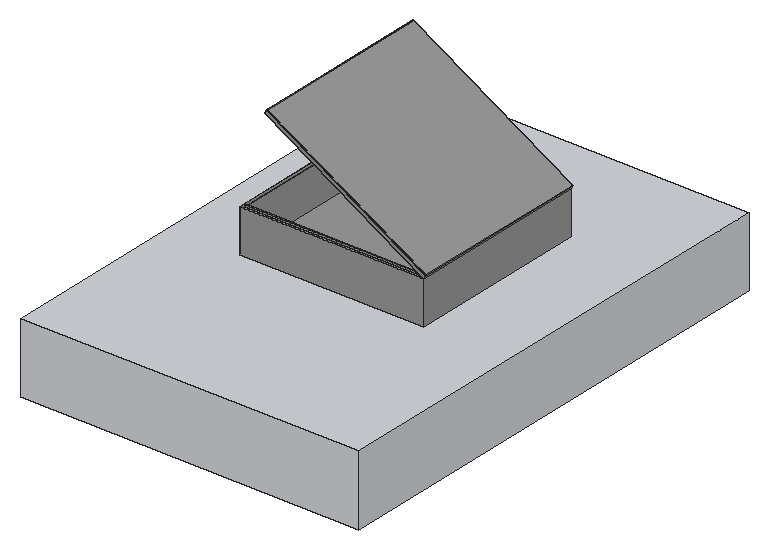
Revit family "Hager-Univers-IP44-D205-H800-Cl.I-Encl-CH-it", category Equipement électrique, Revit 2020
Family settings
  Hôte = Face
  Configuration du panneau = Deux colonnes, circuits au sein
  Cote de connecteur circulaire = Utiliser le diamètre
  Type d'élément = Tableau de raccordement
  Couper avec des vides une fois chargée = Non
  Partagée = Non
  Point de calcul de pièce = Non
Parameters (values of type "A parete IP44 L800 A800 P205  - FP53TN2")
  Width Control [instance] = if([EF000008 - Larghezza] > Min Width, [EF000008 - Larghezza], Min Width)  # 800 mm
  Commentaires du type = [HG000003 - Gamma]  # "Univers"
  Thickness Door [instance] = if([EF009171 - spessore materiale porta/coperchio] > 3 mm, 3 mm, [EF009171 - spessore materiale porta/coperchio])  # 1 mm
  Seal Frame Offset [instance] = 17 mm  # constant formula
  Plinth Visibility [instance] = [HG000027 - Altezza dello zoccolo] > 0 mm  # no
  Model = ""
  Min Width [instance] = 100 mm  # constant formula
  Min Height [instance] = 100 mm  # constant formula
  Min Depth [instance] = (2 * [EF009170 - spessore materiale scatola]) + 1 mm  # 3 mm
  Internal Frame Depth [instance] = (Door System Depth * 0.5)  # 9 mm
  Height Control [instance] = if([EF000040 - Altezza] > Min Height, [EF000040 - Altezza], Min Height)  # 800 mm
  HG000027 - Altezza dello zoccolo = 0 mm
  HG000026 - A pavimento = no
  HG000024 - Altezza della sezione inferiore = 800 mm
  HG000023 - Custodia a doppia sezione = no
  HG000016 - Visibilità delle porte nella vista 3D [instance] = yes
  HG000015 - Visibilità attraverso la porta [instance] = no
  HG000014 - Porta destra [instance] = yes
  HG000013 - Porta sinistra [instance] = not([HG000014 - Porta destra])  # no
  HG000012 - Angolo di apertura della porta [instance] = 30.00°
  HG000010 - Porte asimmetriche = no
  HG000009 - Porta doppia a battente = no
  HG000006 - Ad incasso = no
  HG000004 - Codice produttore = "FP53TN2"
  HG000003 - Gamma = "Univers"
  HG000002 - Con porta = yes
  Frame Offset Bottom [instance] = 10 mm  # constant formula
  Frame Offset [instance] = 15 mm  # constant formula
  EF015940 - Coprire con rilascio di sovrapressione = no
  EF011959 - tipo di protezione (NEMA) = ""
  EF009554 - numero delle aperture per la piastra della flangia = 6
  Fabricant = "Hager"  # constant formula
  EF009212 - esecuzione coperchio = "EV000116 - chiuso"
  EF009171 - spessore materiale porta/coperchio = 1 mm
  EF009170 - spessore materiale scatola = 1 mm
  EF008873 - corrente nominale (In) = 250 A
  EF007800 - adatto per parafulmine = no
  EF006306 - con serratura = no
  EF006244 - coperchio/porta trasparente = no
  EF005474 - grado di protezione (IP) = "EV006418 - IP44"
  EF004464 - tipo di porta = "EV002646 - singolo"
  EF004427 - numero di moduli = 180
  EF004293 - resistenza agli urti = "EV006815 - IK09"
  EF003532 - adatto per uso esterno = no
  EF002950 - Numero moduli DIN = 36
  EF001613 - Integrità del circuito = "EV000494 - senza"
  EF001596 - Attacco Lampada = "EV000179 - acciaio"
  EF001131 - profondità interna = 205 mm
  EF001088 - possibilità di applicazione = yes
  EF000437 - numero di ingressi per conduttori = 6
  EF000339 - tipo di copertura = "EV001012 - coperchio"
  EF000266 - numero di file = 5
  EF000218 - profondità di incasso = 205 mm
  EF000118 - con piastra di montaggio = no
  EF000116 - numero RAL = "9010"
  EF000049 - profondità = 205 mm
  EF000040 - Altezza = 800 mm
  EF000008 - Larghezza = 800 mm
  EF000007 - colore = "EV000202 - bianco"
  EF000003 - Tipo di montaggio = "EV000384 - A parete"
  Door System Leaf Tolerance [instance] = 1.5 mm  # constant formula
  Door System Depth [instance] = 18 mm  # constant formula
  Door Height [instance] = Height Control - [HG000027 - Altezza dello zoccolo]  # 800 mm
  Depth Control [instance] = if([EF000049 - profondità] > Min Depth, [EF000049 - profondità], Min Depth)  # 205 mm
  Default Elevation = 0 mm
  Connector Offset [instance] = Height Control / 2  # 400 mm
  Bottom Top Plate Trim [instance] = 1.5 mm  # constant formula
  Plinth height Ctrl [instance] = if([HG000027 - Altezza dello zoccolo] > 0 mm, [HG000027 - Altezza dello zoccolo], 12 mm)  # 12 mm
Types (10, lengths in mm): name | Width Control | HG000010 - Porte asimmetriche | HG000009 - Porta doppia a battente | HG000004 - Codice produttore | EF009554 - numero delle aperture per la piastra della flangia | EF004464 - tipo di porta | EF004427 - numero di moduli | EF002950 - Numero moduli DIN | EF000437 - numero di ingressi per conduttori | EF000218 - profondità di incasso | EF000008 - Larghezza
  A parete IP44 L1050 A800 P205  - FP54QT | 1050 | no | no | "FP54QT" | 8 | "EV003602 - doppio" | 240 | 48 | 8 | 0 | 1050
  A parete IP44 L1050 A800 P205  - FP54TN2 | 1050 | no | yes | "FP54TN2" | 8 | "EV003602 - doppio" | 240 | 48 | 8 | 205 | 1050
  A parete IP44 L1300 A800 P205  - FP55QT | 1300 | no | no | "FP55QT" | 10 | "EV003602 - doppio" | 300 | 60 | 10 | 0 | 1300
  A parete IP44 L1300 A800 P205  - FP55TN2 | 1300 | yes | yes | "FP55TN2" | 10 | "EV003602 - doppio" | 300 | 60 | 10 | 205 | 1300
  A parete IP44 L300 A800 P205  - FP51QT | 300 | no | no | "FP51QT" | 2 | "EV002646 - singolo" | 60 | 12 | 2 | 0 | 300
  A parete IP44 L300 A800 P205  - FP51TN2 | 300 | no | no | "FP51TN2" | 2 | "EV002646 - singolo" | 60 | 12 | 2 | 205 | 300
  A parete IP44 L550 A800 P205  - FP52QT | 550 | no | no | "FP52QT" | 4 | "EV002646 - singolo" | 120 | 24 | 4 | 0 | 550
  A parete IP44 L550 A800 P205  - FP52TN2 | 550 | no | no | "FP52TN2" | 4 | "EV002646 - singolo" | 120 | 24 | 4 | 205 | 550
  A parete IP44 L800 A800 P205  - FP53QT | 800 | no | no | "FP53QT" | 6 | "EV002646 - singolo" | 180 | 36 | 6 | 0 | 800
  A parete IP44 L800 A800 P205  - FP53TN2 | 800 | no | no | "FP53TN2" | 6 | "EV002646 - singolo" | 180 | 36 | 6 | 205 | 800
Reference planes
  plane 1 "Center (Front/Back)": y = 0
  plane 2: z = 0
  plane 3 "Center (Left/Right)": x = 0
  plane 4: z = 205
  plane 5: y = 1
  plane 6: y = 400
  plane 7: y = 0
  plane 8: y = 800
  plane 9: z = 0
  plane 10: x = -385
  plane 11: x = 385
  plane 12: x = 384
  plane 13: x = -384
  plane 14: y = 799
  plane 15: x = -383
  plane 16: x = -400
  plane 17: x = 383
  plane 18: x = 400
  plane 19: x = 399
  plane 20: x = -399
  plane 21: y = 11
  plane 22: y = 800
  plane 23: y = 784
  plane 24: z = 187
  plane 25: z = 1
  plane 26: z = 186
  plane 27: z = 204
Forms (mm)
  Extrusion 1, solid
    sketch origin (0, 0, 0) x (1, 0, 0) y (0, 1, 0)
      loop
        line (-702.964, 1305) -> (-702.964, -811.445) -> (766.763, -811.445) -> (766.763, 1305) -> (-702.964, 1305)
    from 0 to -304.8
  Extrusion 2, solid, material "Hager_Steel_RAL7035_Light_Grey", visible <- "Plinth Visibility", detail levels medium+fine
    sketch origin (0, 0, 0) x (1, 0, 0) y (0, 1, 0)
      loop
        line (-400, 0) -> (400, 0) -> (400, 12) -> (-400, 12) -> (-400, 0)
    from 0 to 187
  Extrusion 3, solid, material "Hager_Steel_RAL7035_Light_Grey", detail levels medium+fine
    sketch origin (0, 0, 0) x (1, 0, 0) y (0, 1, 0)
      loop
        line (-400, 0) -> (400, 0) -> (400, 800) -> (-400, 800) -> (-400, 0)
    from 0 to 187
  Extrusion 4, void
    sketch origin (0, 0, 0) x (1, 0, 0) y (0, 1, 0)
      loop
        line (-399, 1) -> (399, 1) -> (399, 799) -> (-399, 799) -> (-399, 1)
    from 1 to 186
  Extrusion 5, void
    sketch origin (-381.607, -4572, 187) x (0, -1, 0) y (-1, 0, 0)
      loop
        line (-4583, 2.393) -> (-5356, 2.393) -> (-5356, -765.607) -> (-4583, -765.607) -> (-4583, 2.393)
    from 0 to 1 <- "EF009170 - spessore materiale scatola"
  Extrusion 6, solid, material "Hager_Steel_RAL7035_Light_Grey", detail levels fine
    sketch origin (0, 0, 187) x (1, 0, 0) y (0, 1, 0)
      loop
        line (-384, 784) -> (-384, 11) -> (384, 11) -> (384, 784) -> (-384, 784)
      loop
        line (-385, 10) -> (385, 10) -> (385, 785) -> (-385, 785) -> (-385, 10)
    from 0 to 9 <- "Internal Frame Depth"
  Extrusion 7, solid, material "Hager_Steel_RAL7035_Light_Grey", detail levels coarse
    sketch origin (0, 0, 0) x (1, 0, 0) y (0, 1, 0)
      loop
        line (-400, 0) -> (400, 0) -> (400, 800) -> (-400, 800) -> (-400, 0)
    from 0 to 205
  Sweep 8, void
    path in 3D
      loop
        line (-400, 12, 0) -> (400, 12, 0) -> (400, 12, 187) -> (-400, 12, 187) -> (-400, 12, 0)
    profile origin (-400, 12, 93.5) x (-1, 0, 0) y (0, -1, 0)
      loop
        line (0, 0) -> (0, 1.5) -> (-1.5, 1.5)
        arc (-1.5, 1.5) -> (-1.061, 0.439) -> (0, 0) r 1.5
Cuts and joins
  Extrusion 4, Extrusion 5 cuts Extrusion 3
  Sweep 8 cuts Extrusion 2
Lines and regions (mm)
  Masking region 1
    outline origin (0, 0, 0) x (1, 0, 0) y (0, 0, 1)
      loop
        line (-400, 205) -> (-400, 0) -> (400, 0) -> (400, 205) -> (-400, 205)
  Masking region 2, detail levels medium+fine
    outline origin (0, 140, 0) x (0, 1, 0) y (0, 0, 1)
      loop
        line (-140, 0) -> (660, 0) -> (660, 187) -> (-140, 187) -> (-140, 0)
  Masking region 3, not visible, detail levels medium+fine
    outline origin (0, 297.922, 0) x (0, 1, 0) y (0, 0, 1)
      loop
        line (113.578, 0) -> (153.578, 0) -> (153.578, 194)
        arc (153.578, 194) -> (150.649, 201.071) -> (143.578, 204) r 10
        line (143.578, 204) -> (113.578, 204) -> (113.578, 0)
  Masking region 4, detail levels coarse
    outline origin (0, 0, 180) x (0, 1, 0) y (0, 0, 1)
      loop
        line (0, -180) -> (800, -180) -> (800, 25) -> (0, 25) -> (0, -180)
  Masking region 5, visible <- "Plinth Visibility", detail levels medium+fine
    outline origin (0, 52.24, 12.345) x (0, 0, -1) y (0, 1, 0)
      loop
        line (10.845, -40.24) -> (-173.155, -40.24)
        arc (-173.155, -40.24) -> (-173.594, -41.301) -> (-174.655, -41.74) r 1.5
        line (-174.655, -41.74) -> (-174.655, -52.24) -> (12.345, -52.24) -> (12.345, -41.74)
        arc (12.345, -41.74) -> (11.285, -41.301) -> (10.845, -40.24) r 1.5
  Masking region 6, detail levels medium+fine
    outline origin (-381.607, -4572, 187) x (-1, 0, 0) y (0, -1, 0)
      loop
        line (18.393, -5372) -> (18.393, -4572) -> (-781.607, -4572) -> (-781.607, -5372) -> (18.393, -5372)
  Masking region 7, visible <- "Plinth Visibility", detail levels medium+fine
    outline origin (-381.607, -4727, 187) x (-1, 0, 0) y (0, -1, 0)
      loop
        arc (16.893, -4739) -> (17.332, -4737.939) -> (18.393, -4737.5) r 1.5
        line (18.393, -4737.5) -> (18.393, -4727) -> (-781.607, -4727) -> (-781.607, -4737.5)
        arc (-781.607, -4737.5) -> (-780.546, -4737.939) -> (-780.107, -4739) r 1.5
        line (-780.107, -4739) -> (16.893, -4739)
  Masking region 8, detail levels coarse
    outline origin (-442.548, -4669.526, 187) x (-1, 0, 0) y (0, -1, 0)
      loop
        line (-42.548, -5469.526) -> (-42.548, -4669.526) -> (-842.548, -4669.526) -> (-842.548, -5469.526) -> (-42.548, -5469.526)
  sketch lines
    curve 1: line (-400, 12, 187) -> (-400, 12, 0)
    curve 2: line (400, 12, 187) -> (-400, 12, 187)
    curve 3: line (400, 12, 187) -> (400, 12, 0)
    curve 4: line (-400, 12, 0) -> (400, 12, 0)
Dimensions and locks
  "Depth Control": plane 4 to Extrusion 1
  "HG000027 - Altezza dello zoccolo": plane 1 "Center (Front/Back)" to plane 7
  "EF009170 - spessore materiale scatola": plane 5 to plane 7
  locked: connector elem to plane 3 "Center (Left/Right)"
  equal spacing: plane 8, plane 6, plane 7
  locked: connector elem to plane 6
  "EF009170 - spessore materiale scatola": plane 8 to plane 14
  "EF009170 - spessore materiale scatola": plane 10 to plane 13
  "EF009170 - spessore materiale scatola": plane 12 to plane 11
  "Frame Offset": plane 20 to plane 13
  "Frame Offset": plane 12 to plane 19
  "EF009170 - spessore materiale scatola": plane 16 to plane 20
  "EF009170 - spessore materiale scatola": plane 19 to plane 18
  "Seal Frame Offset": plane 16 to plane 15
  "Seal Frame Offset": plane 17 to plane 18
  "Frame Offset Bottom": plane 21 to plane 5
  "Frame Offset": plane 14 to plane 23
  equal spacing: plane 16, plane 3 "Center (Left/Right)", plane 18
  "Width Control": plane 16 to plane 18
  "EF009170 - spessore materiale scatola": plane 4 to plane 27
  "EF009170 - spessore materiale scatola": plane 24 to plane 26
  "EF009170 - spessore materiale scatola": plane 25 to level
  "Door System Depth": plane 4 to plane 24
  "Height Control": plane 1 "Center (Front/Back)" to Extrusion 7 sketch curve
  "Height Control": Masking region 4 sketch curve to plane 1 "Center (Front/Back)"
  "Height Control": plane 1 "Center (Front/Back)" to plane 22
  "Bottom Top Plate Trim": profile plane to Sweep 8 sketch curve
  "Bottom Top Plate Trim": Sweep 8 sketch curve to profile plane
  "Plinth height Ctrl": plane 1 "Center (Front/Back)" to Extrusion 2 sketch curve
  "Plinth height Ctrl": Masking region 5 sketch curve to plane 1 "Center (Front/Back)"
  "Plinth height Ctrl": plane 1 "Center (Front/Back)" to Masking region 7 sketch curve
  "Thickness Door": Extrusion 6 sketch curve to Extrusion 6 sketch curve  (x3)
  "Thickness Door": cut or joined group of Extrusion 3, Extrusion 4, Extrusion 5 to Extrusion 6 sketch curve
  radius of Masking region 3 sketch curve = 10 mm
  "Bottom Top Plate Trim": radius of Masking region 5 sketch curve  (x2)
  "Bottom Top Plate Trim": radius of Sweep 8 sketch curve
  "Bottom Top Plate Trim": radius of Masking region 7 sketch curve  (x2)
  aligned and locked: plane 2 to Extrusion 1
  aligned and locked: level to Extrusion 1
  aligned and locked: level to Masking region 1 sketch curve
  aligned and locked: Masking region 1 sketch curve to plane 18
  aligned and locked: Masking region 1 sketch curve to plane 16
  aligned and locked: plane 7 to Masking region 2 sketch curve
  aligned and locked: level to Masking region 3 sketch curve
  aligned and locked: Masking region 3 sketch curve to plane 27
  aligned and locked: level to Masking region 2 sketch curve
  aligned and locked: plane 1 "Center (Front/Back)" to Extrusion 2 sketch curve
  aligned and locked: Extrusion 3 sketch curve to plane 7
  aligned and locked: plane 16 to Extrusion 3 sketch curve
  aligned and locked: plane 18 to Extrusion 3 sketch curve
  aligned and locked: plane 20 to Extrusion 4 sketch curve
  aligned and locked: plane 19 to Extrusion 4 sketch curve
  aligned and locked: Extrusion 4 sketch curve to plane 5
  aligned and locked: Extrusion 4 to plane 25
  aligned and locked: plane 26 to Extrusion 4
  aligned and locked: plane 24 to Extrusion 3
  aligned and locked: Extrusion 5 sketch curve to plane 21
  aligned and locked: Extrusion 5 sketch curve to plane 13
  aligned and locked: Extrusion 5 sketch curve to plane 12
  aligned and locked: plane 18 to Extrusion 7 sketch curve
  aligned and locked: plane 1 "Center (Front/Back)" to Extrusion 7 sketch curve
  aligned and locked: plane 16 to Extrusion 7 sketch curve
  aligned and locked: plane 4 to Extrusion 7
  aligned and locked: Extrusion 7 to level
  aligned and locked: level to Masking region 4 sketch curve
  aligned and locked: Masking region 4 sketch curve to plane 1 "Center (Front/Back)"
  aligned and locked: Masking region 4 sketch curve to plane 4
  aligned and locked: nested 1 to level
  aligned and locked: nested 1 to plane 16
  aligned and locked: plane 8 to Extrusion 3 sketch curve
  aligned and locked: plane 23 to Extrusion 5 sketch curve
  aligned and locked: plane 14 to Extrusion 4 sketch curve
  aligned and locked: Masking region 2 sketch curve to plane 8
  aligned and locked: level to Masking region 5 sketch curve
  aligned and locked: plane 16 to Extrusion 2 sketch curve
  aligned and locked: plane 18 to Extrusion 2 sketch curve
  aligned and locked: Masking region 5 sketch curve to plane 24
  aligned and locked: Masking region 2 sketch curve to plane 24
  aligned and locked: plane 24 to Extrusion 2
  aligned and locked: profile plane to Sweep 8 sketch curve  (x2)
  aligned and locked: Masking region 6 sketch curve to plane 18
  aligned and locked: Masking region 6 sketch curve to plane 22
  aligned and locked: Masking region 6 sketch curve to plane 16
  aligned and locked: plane 8 to plane 22
  aligned and locked: Masking region 6 sketch curve to plane 7
  aligned and locked: Masking region 7 sketch curve to plane 16
  aligned and locked: Masking region 7 sketch curve to plane 1 "Center (Front/Back)"
  aligned and locked: Masking region 7 sketch curve to plane 18
  aligned and locked: Masking region 8 sketch curve to plane 1 "Center (Front/Back)"
  aligned and locked: Masking region 8 sketch curve to plane 18
  aligned and locked: Masking region 8 sketch curve to plane 22
  aligned and locked: Masking region 8 sketch curve to plane 16
  aligned and locked: nested 2 to plane 7
  aligned and locked: plane 3 "Center (Left/Right)" to nested 2
  aligned and locked: nested 2 to plane 24
  aligned and locked: Extrusion 6 sketch curve to cut or joined group of Extrusion 3, Extrusion 4, Extrusion 5  (x4)
Automatic sketch dimensions
  Extrusion 1 sketch curve to Extrusion 1 sketch curve = 1469.727 mm
  Extrusion 1 sketch curve to Extrusion 1 sketch curve = 2116.445 mm
  Masking region 1 sketch curve to plane 4 = 0 mm
  plane 6 to Masking region 3 sketch curve = 11.5 mm
  Masking region 3 sketch curve to Masking region 3 sketch curve = 30 mm
  Masking region 5 sketch curve to plane 1 "Center (Front/Back)" = 0 mm
Nested families
  nested 1: "Hager_Enclosure_Symbol" at (-400, 0, 0) x (1, 0, 0) z (0, -1, 0), Height <- "Depth Control", Width <- "Width Control", type "Hager_Enclosure_Symbol"
    with Width_Ctrl 800 mm, Width 800 mm, Height_Ctrl 205 mm, Height 205 mm, A_Width_Int 13.453 mm, A_Width 161.438 mm, A_Height_Ctrl 179.375 mm, A_Height 179.375 mm
  nested 2: "EC000058_Univers_Door" at (0, 0, 187) x (1, 0, 0) z (0, 1, 0), Leaf_Tolerance <- "Door System Leaf Tolerance", Angle <- "HG000012 - Angolo di apertura della porta", Door_Depth <- "Door System Depth", Door_Left <- "HG000013 - Porta sinistra", Transparent <- "EF006244 - coperchio/porta trasparente", Assymetrical <- "HG000010 - Porte asimmetriche", Width <- "Width Control", Clearance <- "HG000015 - Visibilità attraverso la porta", Double <- "HG000009 - Porta doppia a battente", 3d_Door <- "HG000016 - Visibilità delle porte nella vista 3D", Lock_Visibility <- "EF006306 - con serratura", Width_Ctrl <- "Width Control", Door_Right <- "HG000014 - Porta destra", Door <- "HG000002 - Con porta", Height <- "Door Height", Thickness <- "Thickness Door", type "EC000058_Univers_Door", detail levels medium+fine
    with min_wh 3 mm, Width_Ctrl 800 mm, Width 800 mm, Transparent no, Thickness 1 mm, Seal_Material Hager_Rubber, Lock_Visibility no, Lock_Material Hager_Plastic_RAL9005_Jet_Black, Leaf_Width 800 mm, Leaf_Tolerance_External_Sides 0 mm, Leaf_Tolerance 1.5 mm, Leaf_Offset 0 mm, Leaf_Height 797 mm, Leaf_2_Width 800 mm, Leaf_2_Offset 400 mm, Leaf_1_Width 800 mm, Leaf_1_Offset 400 mm, Height_Ctrl 800 mm, Height 800 mm, Glass_Material Hager_Glass, Double_Clearance_Ctrl no, Double no, Door_Right_Ctrl yes, Door_Right yes, Door_Material Hager_Steel_RAL7035_Light_Grey, Door_Left_Ctrl no, Door_Left no, Door_Depth 18 mm, Door yes, Clearance_Material Hager_Clearance, Clearance_Depth 800 mm, Clearance_Ctrl no, Clearance no, Assymetrical no, Angle 30.00°, 3d_Door yes
Connectors
  electrical at (0, 400, 0)
    settings: on plane 9, index 1, voltage 0 V, apparent load 0 VA, apparent load phase1 0 VA, apparent load phase2 0 VA, apparent load phase3 0 VA, power factor 1, load classification "Other", number of poles 1, system type 30, power factor state 1, is connector primary yes, connector utility no, sub classification motor no, connector description ""
Definition of nested family "EC000058_Univers_Door"
  Parameters (values of type "EC000058_Univers_Door")
    min_wh [instance] = (2 * Thickness) + 1 mm  # 11 mm
    Width_Ctrl [instance] = 400 mm
    Width [instance] = 500 mm
    Transparent [instance] = yes
    Thickness [instance] = 5 mm
    Seal_Material [instance] = none
    Lock_Visibility [instance] = yes
    Lock_Material [instance] = none
    Leaf_Width [instance] = if((Width_Ctrl - 2 * Leaf_Tolerance_External_Sides) > 0 mm, (Width_Ctrl - 2 * Leaf_Tolerance_External_Sides), min_wh)  # 400 mm
    Leaf_Tolerance_External_Sides [instance] = 0 mm  # constant formula
    Leaf_Tolerance [instance] = 1.5 mm
    Leaf_Offset [instance] = 0 mm  # constant formula
    Leaf_Height [instance] = if((Height_Ctrl - 2 * Leaf_Tolerance) > 0 mm, (Height_Ctrl - 2 * Leaf_Tolerance), min_wh)  # 497 mm
    Leaf_2_Width [instance] = if(and(and(Double, Assymetrical), Door_Left), (Leaf_Width / 3) - (Leaf_Tolerance / 2), if(and(and(Double, Assymetrical), Door_Right), (Leaf_Width / 3) * 2 - (Leaf_Tolerance / 2), if(and(Double, not(Assymetrical)), (Leaf_Width / 2) - Leaf_Tolerance, Leaf_Width)))  # 400 mm
    Leaf_2_Offset [instance] = if(and(Double, Assymetrical), Leaf_2_Width / 2, if(and(Double, not(Assymetrical)), Leaf_Width / 4, Leaf_Width / 2))  # 200 mm
    Leaf_1_Width [instance] = if(and(and(Double, Assymetrical), Door_Right), (Leaf_Width / 3) - (Leaf_Tolerance / 2), if(and(and(Double, Assymetrical), Door_Left), (Width / 3) * 2 - (Leaf_Tolerance / 2), if(and(Double, not(Assymetrical)), (Leaf_Width / 2) - Leaf_Tolerance, Leaf_Width)))  # 400 mm
    Leaf_1_Offset [instance] = if(and(Double, Assymetrical), Leaf_1_Width / 2, if(and(Double, not(Assymetrical)), Leaf_Width / 4, Leaf_Width / 2))  # 200 mm
    Height_Ctrl [instance] = if(Height > min_wh, Height, min_wh)  # 500 mm
    Height [instance] = 500 mm
    Glass_Material [instance] = none
    Double_Clearance_Ctrl [instance] = and(Double, Clearance)  # no
    Double [instance] = no
    Door_Right_Ctrl [instance] = and(or(Door_Right, Double), Door)  # yes
    Door_Right [instance] = yes
    Door_Material [instance] = none
    Door_Left_Ctrl [instance] = and(or(Door_Left, Double), Door)  # no
    Door_Left [instance] = no
    Door_Depth [instance] = 30 mm
    Door [instance] = yes
    Default Elevation = 1219.2 mm
    Clearance_Material [instance] = none
    Clearance_Depth [instance] = if(Leaf_1_Width > Leaf_2_Width, Leaf_1_Width, Leaf_2_Width)  # 400 mm
    Clearance_Ctrl [instance] = and(not(Double), Clearance)  # yes
    Clearance [instance] = yes
    Assymetrical [instance] = yes
    Angle [instance] = 30.00°
    3d_Door [instance] = yes
  Reference planes
    plane 1 "Center (Front/Back)": y = 0
    plane 2 "Bottom": z = 0
    plane 3 "Center (Left/Right)": x = 0
    plane 4: z = 500
    plane 5: x = -200
    plane 6: x = 200
    plane 7: z = 500
    plane 8: x = -200
    plane 9: z = 0
    plane 10: x = 200
    plane 11: y = 0
    plane 12: z = 1.5
    plane 13: x = -600
    plane 14: y = -400
    plane 15: x = 600
    plane 16: x = 0
    plane 17: x = 0
    plane 18: x = -200
    plane 19: x = 200
    plane 20: z = 498.5
  Forms (mm)
    Extrusion 1, solid, material <- "Clearance_Material", visible <- "Double_Clearance_Ctrl"
      sketch origin (1200, 0, 0) x (1, 0, 0) y (0, 0, -1)
        loop
          line (-1800, -498.5) -> (-600, -498.5) -> (-600, 0) -> (-1800, 0) -> (-1800, -498.5)
      from 0 to -400
  Dimensions and locks
    equal spacing: plane 5, plane 3 "Center (Left/Right)", plane 6
    "Width_Ctrl": plane 5 to plane 6
    "Leaf_Offset": plane 5 to plane 8
    "Leaf_Offset": plane 6 to plane 10
    "Leaf_Offset": plane 9 to level
    "Leaf_Offset": plane 4 to plane 7
    "Height_Ctrl": plane 4 to level
    "Leaf_Tolerance": plane 12 to plane 9
    locked: plane 11 to plane 1 "Center (Front/Back)"
    "Leaf_1_Offset": plane 18 to plane 16
    "Leaf_2_Offset": plane 17 to plane 19
    "Leaf_1_Width": plane 13 to plane 8
    "Leaf_2_Width": plane 10 to plane 15
    "Clearance_Depth": plane 14 to plane 1 "Center (Front/Back)"
    "Leaf_Tolerance_External_Sides": plane 8 to plane 18
    "Leaf_Tolerance_External_Sides": plane 19 to plane 10
    "Leaf_Tolerance": plane 7 to plane 20
    aligned and locked: level to plane 2 "Bottom"
    aligned and locked: nested 1 to plane 16
    aligned and locked: nested 2 to plane 17
    aligned and locked: Extrusion 1 to plane 13
    aligned and locked: plane 15 to Extrusion 1
    aligned and locked: Extrusion 1 to plane 14
    aligned and locked: plane 12 to nested 1
    aligned and locked: nested 2 to plane 12
    aligned and locked: Extrusion 1 to plane 11
    aligned and locked: plane 20 to Extrusion 1
    aligned and locked: nested 2 to plane 11
    aligned and locked: nested 1 to plane 11
  Automatic sketch dimensions
    Extrusion 1 sketch curve to level = 0 mm
    plane 5 to Extrusion 1 sketch curve = 400 mm
    plane 6 to Extrusion 1 sketch curve = 400 mm
    Extrusion 1 sketch curve to plane 4 = 1.5 mm
  Nested families
    nested 1: "EC000058_Univers_Door_Leaf" at (0, 0, 1.5), Width <- "Leaf_1_Width", visible <- "Door_Left_Ctrl", Leaf_Height <- "Leaf_Height", Angle <- "Angle", 3d_Door <- "3d_Door", Transparent <- "Transparent", Clearance Material <- "Clearance_Material", Clearance <- "Clearance_Ctrl", Door_Material <- "Door_Material", Glass_Material <- "Glass_Material", Door_Depth <- "Door_Depth", Lock_Material <- "Lock_Material", Seal_Material <- "Seal_Material", Lock_Visibility <- "Lock_Visibility", Thickness <- "Thickness", type "EC000058_Univers_Door_Leaf"
      with Width 400 mm, Transparent_Glass_Offset 30 mm, Transparent_Ctrl yes, Transparent yes, Thickness 5 mm, Standard no, Seal_Material none, Seal_D2 8 mm, Seal_D1 1 mm, Offset_Internal_Frame 10 mm, Lock_Width 20 mm, Lock_Visibility_3d yes, Lock_Visibility yes, Lock_Thickness_3 3 mm, Lock_Thickness_2 1 mm, Lock_Thickness_1 3 mm, Lock_Radius_Offset_2 16 mm, Lock_Radius_Offset_1 15 mm, Lock_Radius_2 5 mm, Lock_Radius 6 mm, Lock_Offset 5 mm, Lock_Material none, Lock_Height 80 mm, Lock_Cover_Top_Offset_2d 17 mm, Lock_Cover_Height -65 mm, Leaf_Height 497 mm, Internal_Seal_Thickness 8 mm, Internal_Seal_Depth_2 4.5 mm, Internal_Frame_Depth 25 mm, Glass_Thickness -1 mm, Glass_Offset -2 mm, Glass_Material none, Door_Material none, Door_Depth 30 mm, Clearance Material none, Clearance yes, Angle_Ctrl 30.00°, Angle 30.00°, 3d_Door yes
    nested 2: "EC000058_Univers_Door_Leaf" at (0, 0, 1.5) x (-1, 0, 0) z (0, 0, 1), Width <- "Leaf_2_Width", visible <- "Door_Right_Ctrl", Leaf_Height <- "Leaf_Height", Angle <- "Angle", 3d_Door <- "3d_Door", Transparent <- "Transparent", Clearance Material <- "Clearance_Material", Clearance <- "Clearance_Ctrl", Door_Material <- "Door_Material", Glass_Material <- "Glass_Material", Door_Depth <- "Door_Depth", Lock_Material <- "Lock_Material", Seal_Material <- "Seal_Material", Lock_Visibility <- "Lock_Visibility", Thickness <- "Thickness", type "EC000058_Univers_Door_Leaf"
      with Width 400 mm, Transparent_Glass_Offset 30 mm, Transparent_Ctrl yes, Transparent yes, Thickness 5 mm, Standard no, Seal_Material none, Seal_D2 8 mm, Seal_D1 1 mm, Offset_Internal_Frame 10 mm, Lock_Width 20 mm, Lock_Visibility_3d yes, Lock_Visibility yes, Lock_Thickness_3 3 mm, Lock_Thickness_2 1 mm, Lock_Thickness_1 3 mm, Lock_Radius_Offset_2 16 mm, Lock_Radius_Offset_1 15 mm, Lock_Radius_2 5 mm, Lock_Radius 6 mm, Lock_Offset 5 mm, Lock_Material none, Lock_Height 80 mm, Lock_Cover_Top_Offset_2d 17 mm, Lock_Cover_Height -65 mm, Leaf_Height 497 mm, Internal_Seal_Thickness 8 mm, Internal_Seal_Depth_2 4.5 mm, Internal_Frame_Depth 25 mm, Glass_Thickness -1 mm, Glass_Offset -2 mm, Glass_Material none, Door_Material none, Door_Depth 30 mm, Clearance Material none, Clearance yes, Angle_Ctrl 30.00°, Angle 30.00°, 3d_Door yes
  Definition of nested family "EC000058_Univers_Door_Leaf"
    Parameters (values of type "EC000058_Univers_Door_Leaf")
      Width [instance] = 2000 mm
      Transparent_Glass_Offset [instance] = 30 mm
      Transparent_Ctrl [instance] = and(Transparent, [3d_Door])  # yes
      Transparent [instance] = yes
      Thickness [instance] = 5 mm
      Standard [instance] = and(not(Transparent), [3d_Door])  # no
      Seal_Material [instance] = none
      Seal_D2 [instance] = 8 mm  # constant formula
      Seal_D1 [instance] = 1 mm  # constant formula
      Offset_Internal_Frame [instance] = 10 mm  # constant formula
      Lock_Width [instance] = 20 mm  # constant formula
      Lock_Visibility_3d [instance] = and(Lock_Visibility, [3d_Door])  # yes
      Lock_Visibility [instance] = yes
      Lock_Thickness_3 [instance] = 3 mm  # constant formula
      Lock_Thickness_2 [instance] = 1 mm  # constant formula
      Lock_Thickness_1 [instance] = 3 mm  # constant formula
      Lock_Radius_Offset_2 [instance] = Lock_Radius_Offset_1 + 1 mm  # 16 mm
      Lock_Radius_Offset_1 [instance] = 15 mm  # constant formula
      Lock_Radius_2 [instance] = Lock_Radius - 1 mm  # 5 mm
      Lock_Radius [instance] = 6 mm  # constant formula
      Lock_Offset [instance] = 5 mm  # constant formula
      Lock_Material [instance] = none
      Lock_Height [instance] = 80 mm  # constant formula
      Lock_Cover_Top_Offset_2d [instance] = Lock_Radius_Offset_2 + 1 mm  # 17 mm
      Lock_Cover_Height [instance] = -(Lock_Height - Lock_Radius_Offset_1)  # -65 mm
      Leaf_Height [instance] = 2720.336 mm
      Internal_Seal_Thickness [instance] = 8 mm  # constant formula
      Internal_Seal_Depth_2 [instance] = 4.5 mm  # constant formula
      Internal_Frame_Depth [instance] = if(Door_Depth - Thickness > 5 mm, Door_Depth - Thickness, 5 mm)  # 25 mm
      Glass_Thickness [instance] = if(Thickness > 15 mm, Glass_Offset + 10 mm, -1 mm)  # -1 mm
      Glass_Offset [instance] = if(Thickness > 15 mm, -(Thickness + 10 mm) / 2, -2 mm)  # -2 mm
      Glass_Material [instance] = none
      Door_Material [instance] = none
      Door_Depth [instance] = 30 mm
      Default Elevation = 0 mm
      Clearance Material [instance] = none
      Clearance [instance] = yes
      Angle_Ctrl [instance] = if(Angle > 180.00°, 180.00°, Angle)  # 90.00°
      Angle [instance] = 90.00°
      3d_Door [instance] = yes
    Reference planes
      plane 1 "Center (Front/Back)": y = 0
      plane 2: z = 0
      plane 3 "Center (Left/Right)": x = 0
      plane 4: y = 2000
      plane 5: x = -1000
      plane 6: x = 1000
      plane 7: x = -3000
      plane 8: z = 2720.336
      plane 9: z = 30
      plane 10: z = 2690.336
      plane 11: x = 970
      plane 12: x = -970
      plane 13: y = -3
      plane 14: z = 107.833
      plane 15: y = -5
      plane 16: y = -223.314
      plane 17: x = -1000
      plane 18: z = 1360.168
      plane 19: y = 30
    Forms (mm)
      Extrusion 1, solid, material <- "Clearance Material", visible <- "Clearance"
        sketch origin (0, 0, 0) x (1, 0, 0) y (0, 0, 1)
          loop
            line (-3000, 2720.336) -> (-3000, 0) -> (1000, 0) -> (1000, 2720.336) -> (-3000, 2720.336)
        from 0 to -2000
      Extrusion 2, solid, material <- "Door_Material", visible <- "Standard", detail levels medium+fine
        sketch origin (-1000, 0, 0) x (0, 1, 0) y (-1, 0, 0)
          loop
            line (0, 30) -> (0, 25) -> (2000, 25) -> (2000, 30) -> (0, 30)
        from 0 to 2720.336 <- "Leaf_Height"
      Extrusion 3, solid, material <- "Door_Material", visible <- "Transparent_Ctrl", detail levels medium+fine
        sketch origin (-1000, 0, 0) x (0, 1, 0) y (-1, 0, 0)
          loop
            line (0, 25) -> (2000, 25) -> (2000, 30) -> (0, 30) -> (0, 25)
        from 0 to 2720.336 <- "Leaf_Height"
      Extrusion 4, void
        sketch origin (-1025, 2000, 0) x (0, 1, 0) y (0, 0, -1)
          loop
            line (-30, -2690.336) -> (-30, -30) -> (-1970, -30) -> (-1970, -2690.336) -> (-30, -2690.336)
        from 0 to 5 <- "Thickness"
      Sweep 5, solid, material <- "Seal_Material", visible <- "Transparent_Ctrl", detail levels fine
        path in 3D
          loop
            line (-1025, 30, 30) -> (-1025, 30, 2690.336) -> (-1025, 1970, 2690.336) -> (-1025, 1970, 30) -> (-1025, 30, 30)
        profile origin (-1025, 1000, 30) x (1, 0, 0) y (0, 0, 1)
          loop
            line (0, 0) -> (0, -8) -> (1, -8) -> (1, 0) -> (0, 0)
      Extrusion 6, solid, material <- "Glass_Material", visible <- "Transparent_Ctrl", detail levels medium+fine
        sketch origin (-1030, 0, 0) x (0, 1, 0) y (0, 0, -1)
          loop
            line (1970, -2690.336) -> (1970, -30) -> (30, -30) -> (30, -2690.336) -> (1970, -2690.336)
        from -2 <- "Glass_Offset" to -1 <- "Glass_Thickness"
      Extrusion 7, solid, material <- "Door_Material", visible <- "3d_Door", detail levels medium+fine
        sketch origin (-1025, 2000, 0) x (0, -1, 0) y (0, 0, -1)
          loop
            line (0, -2720.336) -> (2000, -2720.336) -> (2000, 0) -> (0, 0) -> (0, -2720.336)
          loop
            line (1995, -5) -> (5, -5) -> (5, -2715.336) -> (1995, -2715.336) -> (1995, -5)
        from 0 to 25 <- "Internal_Frame_Depth"
      Sweep 8, solid, material <- "Seal_Material", visible <- "Transparent_Ctrl", detail levels fine
        path in 3D
          loop
            line (-1025, 0, 0) -> (-1025, 2000, 0) -> (-1025, 2000, 2720.336) -> (-1025, 0, 2720.336) -> (-1025, 0, 0)
        profile origin (-1025, 0, 1360.168) x (1, 0, 0) y (0, 1, 0)
          loop
            line (0, 10) -> (2.975, 10)
            arc (2.975, 10) -> (4.053, 10.447) -> (4.5, 11.525) r 1.525
            line (4.5, 11.525) -> (4.5, 16.527)
            arc (4.5, 16.527) -> (4.069, 17.569) -> (3.027, 18) r 1.473
            line (3.027, 18) -> (0, 18) -> (0, 10)
      Extrusion 9, solid, material <- "Lock_Material", visible <- "Lock_Visibility_3d", detail levels fine
        sketch origin (-1030, 0, 0) x (0, 1, 0) y (0, 0, -1)
          loop
            arc (1993.5, -1400.168) -> (1994.561, -1399.729) -> (1995, -1398.668) r 1.5
            line (1995, -1398.668) -> (1995, -1320.168) -> (1975, -1320.168) -> (1975, -1398.668)
            arc (1975, -1398.668) -> (1975.439, -1399.729) -> (1976.5, -1400.168) r 1.5
            line (1976.5, -1400.168) -> (1993.5, -1400.168)
        from 3 <- "Lock_Thickness_1" to 0
      Blend 10, solid, material <- "Lock_Material", visible <- "Lock_Visibility_3d", detail levels fine
        base sketch origin (-1033, 0, 0) x (0, 1, 0) y (0, 0, -1)
          loop
            line (1975, -1320.168) -> (1975, -1398.668)
            arc (1975, -1398.668) -> (1975.439, -1399.729) -> (1976.5, -1400.168) r 1.5
            line (1976.5, -1400.168) -> (1993.5, -1400.168)
            arc (1993.5, -1400.168) -> (1994.561, -1399.729) -> (1995, -1398.668) r 1.5
            line (1995, -1398.668) -> (1995, -1320.168) -> (1975, -1320.168)
        top sketch origin (-1033, 0, 0) x (0, 1, 0) y (0, 0, -1)
          loop
            line (1976, -1320.168) -> (1976, -1398.668)
            arc (1976, -1398.668) -> (1976.146, -1399.022) -> (1976.5, -1399.168) r 0.5
            line (1976.5, -1399.168) -> (1993.5, -1399.168)
            arc (1993.5, -1399.168) -> (1993.854, -1399.022) -> (1994, -1398.668) r 0.5
            line (1994, -1398.668) -> (1994, -1320.168) -> (1976, -1320.168)
        from 0 to 1 <- "Lock_Thickness_2"
      Blend 11, solid, material <- "Lock_Material", visible <- "Lock_Visibility_3d", detail levels fine
        base sketch origin (-1034, 0, 0) x (0, 1, 0) y (0, 0, -1)
          loop
            line (1978, -1320.168) -> (1978, -1384.168)
            arc (1978, -1384.168) -> (1985, -1391.168) -> (1992, -1384.168) r 7
            line (1992, -1384.168) -> (1992, -1320.168) -> (1978, -1320.168)
        top sketch origin (-1034, 0, 0) x (0, 1, 0) y (0, 0, -1)
          loop
            line (1991, -1320.168) -> (1979, -1320.168) -> (1979, -1383.168)
            arc (1979, -1383.168) -> (1985, -1389.168) -> (1991, -1383.168) r 6
            line (1991, -1383.168) -> (1991, -1320.168)
        from 0 to 3 <- "Lock_Thickness_3"
      Extrusion 12, solid, material <- "Lock_Material", visible <- "Lock_Visibility_3d", detail levels fine
        sketch origin (-1030, 1975, 1320.168) x (1, 0, 0) y (0, -1, 0)
          loop
            line (-7, -19) -> (-7, -1) -> (0, -1) -> (0, 0) -> (-8, 0) -> (-8, -20) -> (0, -20) -> (0, -19) -> (-7, -19)
        from 0 to -65 <- "Lock_Cover_Height"
      Extrusion 13, void
        sketch origin (-1038, 1995, 1320.168) x (-1, 0, 0) y (0, 0, -1)
          loop
            line (-5, -65) -> (0, -65) -> (-5, -60) -> (-5, -65)
        from 0 to 20 <- "Lock_Width"
      Extrusion 14, void
        sketch origin (-1038, 1975, 1320.168) x (0, -1, 0) y (0, 0, -1)
          loop
            circle (-10, -15.995) r 6
          loop
            circle (-10, -15.995) r 5
        from 0 to 2
      Extrusion 15, solid, material <- "Lock_Material", visible <- "Lock_Visibility_3d", detail levels medium
        sketch origin (-1030, 0, 0) x (0, 1, 0) y (0, 0, -1)
          loop
            arc (1993.5, -1400.168) -> (1994.561, -1399.729) -> (1995, -1398.668) r 1.5
            line (1995, -1398.668) -> (1995, -1320.168) -> (1975, -1320.168) -> (1975, -1398.668)
            arc (1975, -1398.668) -> (1975.439, -1399.729) -> (1976.5, -1400.168) r 1.5
            line (1976.5, -1400.168) -> (1993.5, -1400.168)
        from 8 to 0
    Cuts and joins
      Extrusion 4 cuts Extrusion 3
      Extrusion 13, Extrusion 14 cuts Extrusion 9
      Extrusion 14 cuts Blend 11
      Extrusion 13, Extrusion 14 cuts Extrusion 12
      joined: Extrusion 9, Blend 10, Blend 11, Extrusion 12
      Extrusion 14 cuts Extrusion 15
    Lines and regions (mm)
      Masking region 1, visible <- "Lock_Visibility", detail levels fine
        outline origin (0, 0, 0) x (0, 1, 0) y (0, 0, 1)
          loop
            line (30, 1320.168) -> (33, 1320.168) -> (33, 1400.168) -> (30, 1400.168) -> (30, 1320.168)
      Masking region 2, visible <- "Lock_Visibility", detail levels fine
        outline origin (0, 3.143, 0) x (0, 1, 0) y (0, 0, 1)
          loop
            line (29.857, 1354.168) -> (30.857, 1354.168) -> (30.857, 1366.168) -> (29.857, 1366.168) -> (29.857, 1354.168)
      Masking region 3, detail levels medium+fine
        outline origin (0, 0, 0) x (0, 1, 0) y (0, 0, 1)
          loop
            line (0, 0) -> (30, 0) -> (30, 2720.336) -> (0, 2720.336) -> (0, 0)
      Masking region 4, detail levels medium+fine
        outline origin (0, 0, 0) x (1, 0, 0) y (0, 0, 1)
          loop
            line (-1000, 2720.336) -> (-1000, 0) -> (1000, 0) -> (1000, 2720.336) -> (-1000, 2720.336)
      Masking region 5, visible <- "Lock_Visibility", detail levels fine
        outline origin (-47.116, 0, 0) x (1, 0, 0) y (0, 0, 1)
          loop
            arc (1024.616, 1399.168) -> (1023.556, 1398.729) -> (1023.116, 1397.668) r 1.5
            line (1023.116, 1397.668) -> (1023.116, 1320.168) -> (1041.116, 1320.168) -> (1041.116, 1397.668)
            arc (1041.116, 1397.668) -> (1040.677, 1398.729) -> (1039.616, 1399.168) r 1.5
            line (1039.616, 1399.168) -> (1024.616, 1399.168)
      Masking region 6, visible <- "Lock_Visibility", detail levels medium+fine
        outline origin (-25, 0, 0) x (1, 0, 0) y (0, 0, 1)
          loop
            arc (1001.5, 1400.168) -> (1000.439, 1399.729) -> (1000, 1398.668) r 1.5
            line (1000, 1398.668) -> (1000, 1320.168) -> (1020, 1320.168) -> (1020, 1398.668)
            arc (1020, 1398.668) -> (1019.561, 1399.729) -> (1018.5, 1400.168) r 1.5
            line (1018.5, 1400.168) -> (1001.5, 1400.168)
      Masking region 7, visible <- "Lock_Visibility", detail levels fine
        outline origin (-73.735, 0, 0) x (1, 0, 0) y (0, 0, 1)
          loop
            line (1051.735, 1382.168) -> (1065.735, 1382.168) -> (1065.735, 1384.168)
            arc (1065.735, 1384.168) -> (1058.735, 1391.168) -> (1051.735, 1384.168) r 7
            line (1051.735, 1384.168) -> (1051.735, 1382.168)
      Masking region 8, visible <- "Lock_Visibility", detail levels fine
        outline origin (-73.735, 0, 0) x (1, 0, 0) y (0, 0, 1)
          loop
            line (1052.735, 1382.168) -> (1064.735, 1382.168) -> (1064.735, 1383.168)
            arc (1064.735, 1383.168) -> (1058.735, 1389.168) -> (1052.735, 1383.168) r 6
            line (1052.735, 1383.168) -> (1052.735, 1382.168)
      Masking region 9, visible <- "Lock_Visibility", detail levels fine
        outline origin (-25, 0, 0) x (1, 0, 0) y (0, 0, 1)
          loop
            line (1020, 1320.168) -> (1020, 1382.168) -> (1000, 1382.168) -> (1000, 1320.168) -> (1020, 1320.168)
      Masking region 10, detail levels medium+fine
        outline origin (0, 0, 0) x (1, 0, 0) y (0, 0, 1)
          loop
            circle (985, 1335.144) r 6
      Masking region 11, detail levels fine
        outline origin (0, 0, 0) x (1, 0, 0) y (0, 0, 1)
          loop
            circle (985, 1335.144) r 5
      Masking region 12, visible <- "Lock_Visibility", detail levels fine
        outline origin (0, 12.767, 0) x (0, 1, 0) y (0, 0, 1)
          loop
            line (20.233, 1320.168) -> (21.233, 1320.168) -> (21.233, 1399.168) -> (20.233, 1400.168) -> (20.233, 1320.168)
      Masking region 13, visible <- "Lock_Visibility", detail levels fine
        outline origin (0, 13.767, -10) x (0, 1, 0) y (0, 0, 1)
          loop
            line (20.233, 1330.168) -> (23.233, 1330.168) -> (23.233, 1399.168) -> (20.233, 1402.168) -> (20.233, 1330.168)
      Masking region 14, visible <- "Lock_Visibility", detail levels fine
        outline origin (0, 12.767, -10) x (0, 1, 0) y (0, 0, 1)
          loop
            line (20.233, 1330.168) -> (25.233, 1330.168) -> (25.233, 1399.305) -> (20.233, 1394.305) -> (20.233, 1330.168)
      Masking region 15, visible <- "Lock_Visibility", detail levels medium
        outline origin (0, 0, 0) x (0, 1, 0) y (0, 0, 1)
          loop
            line (30, 1320.168) -> (38, 1320.168) -> (38, 1400.168) -> (30, 1400.168) -> (30, 1320.168)
      Masking region 16, visible <- "Lock_Visibility", detail levels fine
        outline origin (-1000, 0, 0) x (0, 1, 0) y (-1, 0, 0)
          loop
            line (1975, 30) -> (1995, 30) -> (1995, 38) -> (1975, 38) -> (1975, 30)
          loop
            line (1979, 37) -> (1976, 37) -> (1976, 34) -> (1978, 34) -> (1979, 37)
          loop
            line (1994, 37) -> (1991, 37) -> (1992, 34) -> (1994, 34) -> (1994, 37)
      Masking region 17, visible <- "Lock_Visibility", detail levels medium
        outline origin (-1000, 0, 0) x (0, 1, 0) y (-1, 0, 0)
          loop
            line (1975, 30) -> (1995, 30) -> (1995, 38) -> (1975, 38) -> (1975, 30)
      symbolic lines
        curve 1: line (1000, 0, 0) -> (-3000, 0, 0)
        curve 2: arc (1000, 0, 0) -> (-1000, 2000, 0) -> (-3000, 0, 0) r 2000
        curve 4: line (-1030, 0, 0) -> (-1030, 2000, 0)
      reference lines
        curve 3: line (-1000, 0, 0) -> (-1000, 2000, 0)
      symbolic lines, detail levels medium+fine
        curve 5: line (-1030, 2000, 0) -> (-1025, 2000, 0)
        curve 7: line (-1025, 0, 0) -> (-1030, 0, 0)
        curve 8: line (-1025, 0, 0) -> (-1000, 0, 0)
        curve 9: line (-1000, 0, 0) -> (-1000, 2000, 0)
        curve 10: line (-1000, 2000, 0) -> (-1025, 2000, 0)
      symbolic lines, detail levels fine
        curve 6: line (-1025, 2000, 0) -> (-1025, 0, 0)
      sketch lines
        curve 11: line (-1025, 0, 2720.336) -> (-1025, 0, 0)
        curve 12: line (-1025, 2000, 0) -> (-1025, 0, 0)
        curve 13: line (-1025, 2000, 2720.336) -> (-1025, 2000, 0)
        curve 14: line (-1025, 0, 2720.336) -> (-1025, 2000, 2720.336)
        curve 15: line (-1025, 1970, 30) -> (-1025, 30, 30)
        curve 16: line (-1025, 30, 30) -> (-1025, 30, 2690.336)
        curve 17: line (-1025, 1970, 2690.336) -> (-1025, 1970, 30)
        curve 18: line (-1025, 30, 2690.336) -> (-1025, 1970, 2690.336)
      symbolic lines, visible <- "Transparent", detail levels medium+fine
        curve 19: line (-970, 0, 2690.336) -> (970, 0, 2690.336)
        curve 20: line (-970, 0, 30) -> (-970, 0, 2690.336)
        curve 21: line (970, 0, 30) -> (-970, 0, 30)
        curve 22: line (970, 0, 2690.336) -> (970, 0, 30)
    Dimensions and locks
      "Width": plane 1 "Center (Front/Back)" to plane 4
      equal spacing: plane 5, plane 3 "Center (Left/Right)", plane 6
      "Width": plane 5 to plane 6
      "Width": plane 7 to plane 5
      "Leaf_Height": plane 8 to level
      "Width": curve 5 to curve 3
      "Width": curve 3 to curve 3
      plane 8 to plane 10 = 30 mm
      plane 9 to level = 30 mm
      plane 12 to plane 5 = 30 mm
      plane 6 to plane 11 = 30 mm
      Extrusion 1 to Extrusion 4 sketch curve = 30 mm
      "Transparent_Glass_Offset": curve 3 to Extrusion 4 sketch curve
      "Transparent_Glass_Offset": Extrusion 4 sketch curve to cut or joined group of Extrusion 3, Extrusion 4  (x2)
      cut or joined group of Extrusion 3, Extrusion 4 to Extrusion 6 sketch curve = 30 mm
      "Transparent_Glass_Offset": cut or joined group of Extrusion 3, Extrusion 4 to Extrusion 4 sketch curve
      "Thickness": curve 6 to curve 4
      "Thickness": Extrusion 7 sketch curve to Extrusion 7 sketch curve  (x4)
      "Door_Depth": curve 4 to curve 3
      "Offset_Internal_Frame": profile plane to Sweep 8 sketch curve
      "Internal_Seal_Thickness": Sweep 8 sketch curve to Sweep 8 sketch curve
      "Internal_Seal_Depth_2": profile plane to Sweep 8 sketch curve
      "Seal_D1": profile plane to Sweep 5 sketch curve
      "Seal_D2": profile plane to Sweep 5 sketch curve
      "Thickness": Extrusion 2 sketch curve to Extrusion 2 sketch curve
      equal spacing: Extrusion 9 sketch curve, plane 18, Extrusion 9 sketch curve  (x2)
      equal spacing: Masking region 1 sketch curve, plane 18, Masking region 1 sketch curve
      "Lock_Height": Masking region 1 sketch curve to Masking region 1 sketch curve
      "Lock_Radius": Masking region 2 sketch curve to plane 18 to Masking region 2 sketch curve
      Masking region 2 sketch curve to Masking region 1 = 1 mm
      "Door_Depth": plane 19 to plane 1 "Center (Front/Back)"
      "Lock_Thickness_1": Masking region 1 sketch curve to plane 19
      "Lock_Width": Extrusion 9 sketch curve to Extrusion 9 sketch curve
      "Lock_Height": Extrusion 9 sketch curve to Extrusion 9 sketch curve
      "Lock_Offset": cut or joined group of Extrusion 3, Extrusion 4 to Extrusion 9 sketch curve
      equal spacing: plane 8, plane 18, level
      "Lock_Radius_Offset_1": Blend 11 sketch curve to Blend 10
      locked: Blend 10 to Blend 11 sketch curve at 2  (x2)
      locked: var sketch to Blend 11 sketch curve at 1  (x2)
      "Lock_Radius_Offset_2": Blend 11 sketch curve to Blend 10
      locked: Extrusion 12 sketch curve to Extrusion 12 sketch curve at 1  (x3)
      Masking region 6 sketch curve to Masking region 6 sketch curve = 80 mm
      "Lock_Height": Masking region 6 sketch curve to Masking region 6 sketch curve
      "Lock_Width": Masking region 6 sketch curve to Masking region 6 sketch curve
      locked: Masking region 6 to Masking region 5 sketch curve at 1  (x3)
      locked: Masking region 5 to Masking region 7 sketch curve at 2  (x2)
      "Lock_Radius_Offset_1": Masking region 5 to Masking region 7 sketch curve
      "Lock_Radius_Offset_2": Masking region 5 to Masking region 8 sketch curve
      locked: Masking region 7 to Masking region 8 sketch curve at 1  (x2)
      "Lock_Cover_Top_Offset_2d": Masking region 5 to Masking region 9 sketch curve
      equal spacing: Masking region 9, Masking region 10 sketch curve, Masking region 9
      equal spacing: Masking region 9, Masking region 11 sketch curve, Masking region 9
      Extrusion 15 sketch curve to Extrusion 15 sketch curve = 80 mm
      "Lock_Width": Extrusion 15 sketch curve to Extrusion 15 sketch curve
      "Lock_Height": Extrusion 15 sketch curve to Extrusion 15 sketch curve
      equal spacing: Extrusion 15 sketch curve, plane 18, Extrusion 15 sketch curve
      "Lock_Thickness_3": Masking region 13 sketch curve to Masking region 13 sketch curve
      "Lock_Height": Masking region 12 sketch curve to Masking region 12 sketch curve
      locked: Masking region 13 sketch curve to Masking region 1 at 8
      locked: Masking region 14 sketch curve to Masking region 13 at 1
      locked: Masking region 14 sketch curve to Masking region 1 at 10.863
      "Lock_Height": Masking region 15 sketch curve to Masking region 15 sketch curve
      "Lock_Offset": Extrusion 15 sketch curve to cut or joined group of Extrusion 3, Extrusion 4
      "Lock_Offset": plane 6 to Masking region 6 sketch curve
      radius of Sweep 8 sketch curve = 1.525 mm
      radius of Sweep 8 sketch curve = 1.473 mm
      radius of Extrusion 9 sketch curve = 1.5 mm  (x2)
      "Lock_Radius": radius of Extrusion 14 sketch curve
      "Lock_Radius_2": radius of Extrusion 14 sketch curve
      "Lock_Radius": radius of Masking region 10 sketch curve
      "Lock_Radius_2": radius of Masking region 11 sketch curve
      radius of Extrusion 15 sketch curve = 1.5 mm  (x2)
      "Angle_Ctrl": angle plane 1 "Center (Front/Back)" to curve 3
      locked: Masking region 12 sketch curve to Masking region 12 sketch curve (angle 45.00°)
      locked: Masking region 13 sketch curve to Masking region 13 sketch curve (angle 45.00°)
      locked: Masking region 14 sketch curve to Masking region 14 sketch curve (angle 45.00°)
      aligned and locked: level to plane 2
      aligned and locked: Extrusion 1 to curve 1
      aligned and locked: plane 6 to Extrusion 1
      aligned and locked: Extrusion 1 to plane 1 "Center (Front/Back)"
      aligned and locked: plane 4 to Extrusion 1
      aligned and locked: plane 8 to Extrusion 1
      aligned and locked: curve 7 to Extrusion 2 sketch curve
      aligned and locked: curve 5 to Extrusion 2 sketch curve
      aligned and locked: curve 7 to Extrusion 3 sketch curve
      aligned and locked: Extrusion 3 sketch curve to curve 4
      aligned and locked: Extrusion 3 sketch curve to curve 6
      aligned and locked: Extrusion 3 sketch curve to curve 5
      aligned and locked: curve 9 to curve 3
      aligned and locked: Extrusion 7 sketch curve to cut or joined group of Extrusion 3, Extrusion 4  (x4)
      aligned and locked: plane 17 to curve 3
      aligned and locked: plane 1 "Center (Front/Back)" to curve 3
      aligned and locked: plane 17 to plane 5
      aligned and locked: Sweep 8 sketch curve to profile plane
      aligned and locked: Sweep 5 sketch curve to profile plane  (x2)
      aligned and locked: Masking region 1 to Masking region 2 sketch curve
      aligned and locked: plane 19 to Masking region 1 sketch curve
      aligned and locked: plane 1 "Center (Front/Back)" to Masking region 3 sketch curve
      aligned and locked: plane 19 to Masking region 3 sketch curve
      aligned and locked: level to Masking region 3 sketch curve
      aligned and locked: Masking region 3 sketch curve to plane 8
      aligned and locked: plane 17 to Masking region 4 sketch curve
      aligned and locked: level to Masking region 4 sketch curve
      aligned and locked: Masking region 4 sketch curve to plane 8
      aligned and locked: plane 12 to curve 20
      aligned and locked: plane 10 to curve 19
      aligned and locked: plane 11 to curve 22
      aligned and locked: curve 21 to plane 9
      aligned and locked: Extrusion 2 sketch curve to cut or joined group of Extrusion 3, Extrusion 4
      aligned and locked: Blend 10 sketch curve to Extrusion 9  (x4)
      aligned and locked: Extrusion 9 to Blend 10 sketch curve
      aligned and locked: Blend 10 to Blend 11 sketch curve
      aligned and locked: Extrusion 12 sketch curve to Blend 11
      aligned and locked: Extrusion 12 sketch curve to Extrusion 9  (x4)
      aligned and locked: Masking region 5 sketch curve to Masking region 6
      aligned and locked: Masking region 9 sketch curve to Masking region 6  (x3)
      aligned and locked: Masking region 12 sketch curve to Masking region 1
      aligned and locked: Masking region 13 sketch curve to Masking region 1
      aligned and locked: Masking region 12 to Masking region 14
      aligned and locked: Masking region 14 sketch curve to Masking region 1
      aligned and locked: Masking region 15 sketch curve to Masking region 14
      aligned and locked: Masking region 13 sketch curve to Masking region 12
      aligned and locked: Masking region 16 sketch curve to cut or joined group of Extrusion 14, Extrusion 15  (x4)
      aligned and locked: Masking region 16 sketch curve to cut or joined group of Extrusion 9, Blend 10, Blend 11, Extrusion 12, Extrusion 13, Extrusion 14  (x6)
      aligned and locked: cut or joined group of Extrusion 9, Blend 10, Blend 11, Extrusion 12, Extrusion 13, Extrusion 14 to Masking region 16 sketch curve
      aligned and locked: Masking region 17 sketch curve to cut or joined group of Extrusion 14, Extrusion 15  (x3)
      aligned and locked: Masking region 17 sketch curve to cut or joined group of Extrusion 9, Blend 10, Blend 11, Extrusion 12, Extrusion 13, Extrusion 14
      aligned and locked: Masking region 9 to Masking region 8 sketch curve
      aligned and locked: Masking region 9 to Masking region 7 sketch curve
    Automatic sketch dimensions
      plane 1 "Center (Front/Back)" to curve 2 = 0 mm
      curve 2 to plane 5 = 0 mm
      Extrusion 1 sketch curve to level = 0 mm
      Extrusion 1 sketch curve to plane 7 = 0 mm
      Extrusion 1 sketch curve to plane 6 = 0 mm
      Extrusion 1 sketch curve to plane 8 = 0 mm
      Extrusion 3 to Extrusion 6 sketch curve = 30 mm  (x4)
      Masking region 4 sketch curve to plane 6 = 0 mm
      Blend 10 sketch curve to Extrusion 9 = 1.5 mm
      Blend 10 sketch curve to Extrusion 9 = 1 mm
      Extrusion 13 sketch curve to Extrusion 12 = 0 mm  (x2)
      Extrusion 12 to Extrusion 13 sketch curve = 3 mm
      Extrusion 13 sketch curve to Extrusion 12 = 5 mm
      Extrusion 14 sketch curve to Extrusion 14 sketch curve = 0 mm  (x2)
      Extrusion 14 sketch curve to Extrusion 12 = 10 mm
      Extrusion 14 sketch curve to Extrusion 12 = 15.995 mm
      Masking region 5 sketch curve to Masking region 5 sketch curve = 1.5 mm  (x2)
      Masking region 10 sketch curve to plane 18 = 25.024 mm
      Masking region 11 sketch curve to plane 18 = 25.024 mm
      plane 19 to Masking region 14 sketch curve = 3 mm
      Masking region 16 sketch curve to Masking region 16 sketch curve = 3 mm
      curve 4 to curve 3 = 0 mm
      Blend 10 to Blend 11 sketch curve = 0 mm
      Masking region 6 sketch curve to Masking region 6 sketch curve = 1.5 mm  (x2)
      Masking region 6 sketch curve to plane 18 = 40 mm
      plane 19 to Masking region 12 sketch curve = 3 mm
      Masking region 12 sketch curve to Masking region 12 sketch curve = 1 mm
      Masking region 15 sketch curve to plane 19 = 0 mm
      Masking region 15 sketch curve to plane 18 = 40 mm
      radius of Blend 10 sketch curve to Extrusion 9 = 1 mm
Definition of nested family "Hager_Enclosure_Symbol"
  Parameters (values of type "Hager_Enclosure_Symbol")
    Width_Ctrl [instance] = if(Width > 1 mm, Width, 1 mm)  # 102.27 mm
    Width [instance] = 102.27 mm
    Height_Ctrl [instance] = if(Height > 1 mm, Height, 1 mm)  # 66.5 mm
    A_Width_Int [instance] = if(A_Width / 12 > 2 mm, A_Width / 12, 2 mm)  # 4.364 mm
    A_Width [instance] = if(A_Height_Ctrl * 0.9 > 2 mm, A_Height_Ctrl * 0.9, 2 mm)  # 52.369 mm
    A_Height_Ctrl [instance] = if(A_Height > 2 mm, A_Height, 2 mm)  # 58.188 mm
    Height [instance] = 66.5 mm
    A_Height [instance] = Height - (Height / 8)  # 58.188 mm
  Reference planes
    plane 1 "Centre (avant/arrière)": y = 0
    plane 2: z = 0
    plane 3 "Centre (gauche/droite)": x = 0
    plane 4: x = 52.369
    plane 5: y = 33.042
    plane 6: y = 41.77
    plane 7: y = 66.5
    plane 8: x = 26.184
    plane 9: y = 37.406
    plane 10: x = 102.27
    plane 11: y = 66.5
    plane 12: y = 8.313
  Lines and regions (mm)
    Filled region 1, type "Solid_Black", in view "Niveau de réf."
      outline origin (0, 0, 0) x (1, 0, 0) y (0, 1, 0)
        loop
          line (52.369, 66.5) -> (33.188, 54.536) -> (45.365, 45.006) -> (52.369, 66.5)
    Filled region 2, type "Solid_Black", in view "Niveau de réf."
      outline origin (0, 0, 0) x (1, 0, 0) y (0, 1, 0)
        loop
          line (0, 0) -> (102.27, 0) -> (102.27, 66.5) -> (0, 0)
    detail lines, in view "Niveau de réf."
      curve 1: line (0, 8.313, 0) -> (26.184, 41.77, 0)
      curve 2: line (26.184, 41.77, 0) -> (26.184, 33.042, 0)
      curve 3: line (26.184, 33.042, 0) -> (52.369, 66.5, 0)
  Dimensions and locks
    "A_Width": plane 3 "Centre (gauche/droite)" to plane 4
    equal spacing: plane 3 "Centre (gauche/droite)", plane 8, plane 4
    equal spacing: plane 6, plane 9, plane 5
    equal spacing: curve 3, Filled region 1 sketch curve, Filled region 1 sketch curve
    "Height_Ctrl": plane 1 "Centre (avant/arrière)" to plane 11
    "A_Height_Ctrl": plane 11 to plane 12
    equal spacing: plane 11, plane 9, plane 12
    "A_Width_Int": plane 6 to plane 9
    "Width_Ctrl": plane 3 "Centre (gauche/droite)" to plane 10
    angle Filled region 1 sketch curve to curve 3 = 20.00°
    angle curve 3 to Filled region 1 sketch curve = 20.00°
    locked: curve 3 to Filled region 1 sketch curve (angle 90.00°)
    aligned and locked: plane 10 to Filled region 2
    aligned and locked: plane 11 to Filled region 2 sketch curve
    aligned and locked: plane 10 to Filled region 2 sketch curve
    aligned and locked: plane 3 "Centre (gauche/droite)" to curve 1
    aligned and locked: plane 12 to curve 1
    aligned and locked: plane 7 to plane 11
  Automatic sketch dimensions
    Filled region 1 sketch curve to plane 4 = 0 mm
    Filled region 1 sketch curve to plane 7 = 0 mm
    plane 1 "Centre (avant/arrière)" to Filled region 2 sketch curve = 0 mm
    Filled region 2 sketch curve to plane 3 "Centre (gauche/droite)" = 0 mm
    curve 2 to plane 6 = 0 mm
    curve 2 to plane 8 = 0 mm
    curve 3 to plane 4 = 0 mm
    curve 2 to plane 5 = 0 mm
    curve 3 to plane 7 = 0 mm
